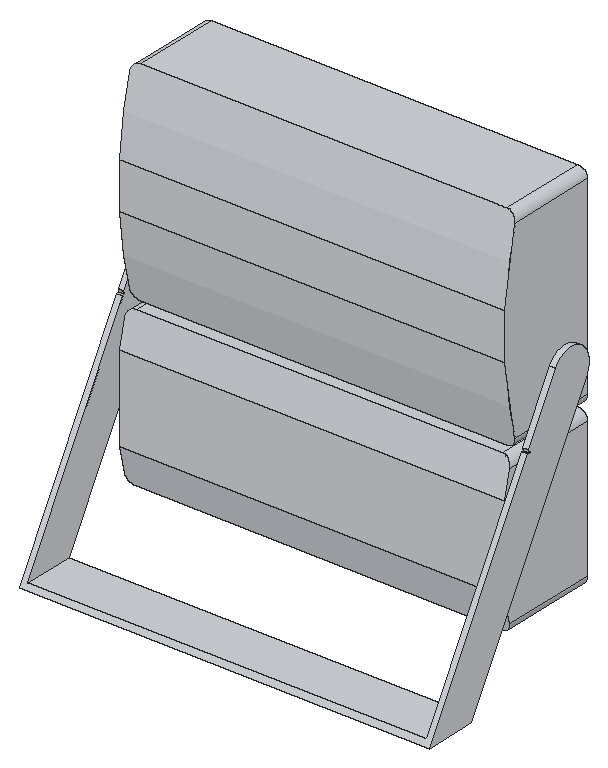
Revit family "Lighting-Floodlights-GEWISS-SMART[PRO]2.0-LED-MEDIUM-POWER_2MODULE_CLI", category Apparecchi per illuminazione, host Superficie, Revit 2019 (continued)
Types (46, lengths in mm): name | Working temperature | Wiring | Weight (kg) | Voltage- | Versions | Version type | Unique digital code (Datamatrix) | Unified Glare Rating | Typology | Type of light source | Tilt- | Technical sheet | Supply voltage | Stocking temperature | Standards and approvals | Standard- | Standard Deviation Colour Matching | Shield type | Regolazione inclinazione | Rated frequency (Hz) | Photobiological Risk Class | Overvoltage resistance : | Overvoltage protection | Optic and illuminating features | Optic Maintenance | Optic : | Optic | Operating temperature: | Operating temperature : | N° LED | Number of modules | No. Chorus modules | Mouting and installation | Modello | Minimum distance from the illuminated object | Maximum surface exposed to the wind : | Maximum surface exposed to the wind | Materials | Luminaire | Lumen output (lm) | Locking Hook | Lifetime | Life Time L90B10 (Tq 50Â°C) : | Life Time L90B10 (Tq 25Â°C) : | Life Time L80B10 (Tq 25Â°C) | Lamp- | LED current | LED Maintenance | LED Life time (L90B10) | LED Life time (L80B10) | LED Life time (L70B10) | Installationa and maintenance | Immagine tipo | IPEA | IDT | Glow Wire Test : | General information | Gasket | Flusso nominale | Fixing | External screw | Eletrical and lighting features | Efficiency (lm/W) | EAN code | Driver Box | Driver | Device with reduced surface temperature | Descrizione | DIN 18032-3 certification | Control System | Context | Colour temperature: | Colour temperature | Colour : | Colour | Color Rendering Index | Classification: | Catalogue Range | Body
  GWP2274BS - SMART PRO 2M CRI70 4000K TYPE S2 1-10V | "-30 +50 °C" | "" | "13" | "220/240 V - 50/60 Hz" | "4000K natural light" | "4000K natural light" | "" | "" | "Stand Alone - 1/10V" | "" | "" | "https://www.gewiss.com/ww/en/search?q=GWP2274BS" | "" | "" | "" | "" | "" | "" | "-180° ÷ + 180° Bracket" | "" | "" | "" | "" | "" | "" | "" | "Symmetrical S2" | "-30 +50 °C" | "" | "160" | "2 (2x80 LED)" | "2 (2x80 LED)" | "" | "GWP2274BS" | "1M" | "" | "0,17M2" | "" | "" | "41000" | "" | "" | "" | "" | "" | "LED" | "0,7 A" | "" | "32000H" | "73000H" | "118000H" | "" | GWP2274BS.jpg | "" | "0a70a13c-aef0-4a90-8d5a-64306d914f50" | "" | "" | "" | "48000" | "" | "" | "" | "" | "8011564738751" | "" | "" | "" | "SMART PRO 2M CRI70 4000K SIMM.CONC.1-10V" | "" | "" | "" | "4000 K (CRI 70)" | "4000 K (CRI 70)" | "" | "" | "" | "" | "SMART [PRO] 2.0" | ""
  GWP2274CS - SMART PRO 2M CRI70 4000K TYPE A1 1-10V | "-30 +50 °C" | "" | "13" | "220/240 V - 50/60 Hz" | "4000K natural light" | "4000K natural light" | "" | "" | "Stand Alone - 1/10V" | "" | "" | "https://www.gewiss.com/ww/en/search?q=GWP2274CS" | "" | "" | "" | "" | "" | "" | "-180° ÷ + 180° Bracket" | "" | "" | "" | "" | "" | "" | "" | "Asymmetrical A1" | "-30 +50 °C" | "" | "160" | "2 (2x80 LED)" | "2 (2x80 LED)" | "" | "GWP2274CS" | "1M" | "" | "0,17M2" | "" | "" | "39000" | "" | "" | "" | "" | "" | "LED" | "0,7 A" | "" | "32000H" | "73000H" | "118000H" | "" | GWP2274CS.jpg | "" | "9a18482d-d3e1-41c4-884b-e12f2e4ca5a3" | "" | "" | "" | "48000" | "" | "" | "" | "" | "8011564738768" | "" | "" | "" | "SMART PRO 2M CRI70 4000K ASIM.DIFF.1-10V" | "" | "" | "" | "4000 K (CRI 70)" | "4000 K (CRI 70)" | "" | "" | "" | "" | "SMART [PRO] 2.0" | ""
  GWP2274FS - SMART PRO 2M CRI70 4000K TYPE A2 1-10V | "-30 +50 °C" | "" | "13" | "220/240 V - 50/60 Hz" | "4000K natural light" | "4000K natural light" | "" | "" | "Stand Alone - 1/10V" | "" | "" | "https://www.gewiss.com/ww/en/search?q=GWP2274FS" | "" | "" | "" | "" | "" | "" | "-180° ÷ + 180° Bracket" | "" | "" | "" | "" | "" | "" | "" | "Asymmetrical A2" | "-30 +50 °C" | "" | "160" | "2 (2x80 LED)" | "2 (2x80 LED)" | "" | "GWP2274FS" | "1M" | "" | "0,17M2" | "" | "" | "33000" | "" | "" | "" | "" | "" | "LED" | "0,7 A" | "" | "32000H" | "73000H" | "118000H" | "" | GWP2274FS.jpg | "" | "1e2022fa-2361-4b5a-b3a8-0d8e233eb5c5" | "" | "" | "" | "48000" | "" | "" | "" | "" | "8011564738775" | "" | "" | "" | "SMART PRO 2M CRI70 4000K ASIM.CONC.1-10V" | "" | "" | "" | "4000 K (CRI 70)" | "4000 K (CRI 70)" | "" | "" | "" | "" | "SMART [PRO] 2.0" | ""
  GWP2274GS - SMART PRO 2M CRI70 4000K TYPE C4 1-10V | "-30 +50 °C" | "" | "13" | "220/240 V - 50/60 Hz" | "4000K natural light" | "4000K natural light" | "" | "" | "Stand Alone - 1/10V" | "" | "" | "https://www.gewiss.com/ww/en/search?q=GWP2274GS" | "" | "" | "" | "" | "" | "" | "-180° ÷ + 180° Bracket" | "" | "" | "" | "" | "" | "" | "" | "Circular C4" | "-30 +50 °C" | "" | "160" | "2 (2x80 LED)" | "2 (2x80 LED)" | "" | "GWP2274GS" | "1M" | "" | "0,17M2" | "" | "" | "41000" | "" | "" | "" | "" | "" | "LED" | "0,7 A" | "" | "32000H" | "73000H" | "118000H" | "" | GWP2274GS.jpg | "" | "c808e74b-e665-4f05-8394-226699617503" | "" | "" | "" | "48000" | "" | "" | "" | "" | "8011564738744" | "" | "" | "" | "SMART PRO 2M CRI70 4000K CIRC.12°1-10V" | "" | "" | "" | "4000 K (CRI 70)" | "4000 K (CRI 70)" | "" | "" | "" | "" | "SMART [PRO] 2.0" | ""
  GWP2274HS - SMART PRO 2M CRI70 4000K TYPE C3 1-10V | "-30 +50 °C" | "" | "13" | "220/240 V - 50/60 Hz" | "4000K natural light" | "4000K natural light" | "" | "" | "Stand Alone - 1/10V" | "" | "" | "https://www.gewiss.com/ww/en/search?q=GWP2274HS" | "" | "" | "" | "" | "" | "" | "-180° ÷ + 180° Bracket" | "" | "" | "" | "" | "" | "" | "" | "Circular C3" | "-30 +50 °C" | "" | "160" | "2 (2x80 LED)" | "2 (2x80 LED)" | "" | "GWP2274HS" | "1M" | "" | "0,17M2" | "" | "" | "41000" | "" | "" | "" | "" | "" | "LED" | "0,7 A" | "" | "32000H" | "73000H" | "118000H" | "" | GWP2274HS.jpg | "" | "4c90ff80-d439-4dfb-9f1b-f7623128bc0a" | "" | "" | "" | "48000" | "" | "" | "" | "" | "8011564738782" | "" | "" | "" | "SMART PRO 2M CRI70 4000K CIRC.15°1-10V" | "" | "" | "" | "4000 K (CRI 70)" | "4000 K (CRI 70)" | "" | "" | "" | "" | "SMART [PRO] 2.0" | ""
  GWP2274LS - SMART PRO 2M CRI70 4000K TYPE C2 1-10V | "-30 +50 °C" | "" | "13" | "220/240 V - 50/60 Hz" | "4000K natural light" | "4000K natural light" | "" | "" | "Stand Alone - 1/10V" | "" | "" | "https://www.gewiss.com/ww/en/search?q=GWP2274LS" | "" | "" | "" | "" | "" | "" | "-180° ÷ + 180° Bracket" | "" | "" | "" | "" | "" | "" | "" | "Circular C2" | "-30 +50 °C" | "" | "160" | "2 (2x80 LED)" | "2 (2x80 LED)" | "" | "GWP2274LS" | "1M" | "" | "0,17M2" | "" | "" | "40000" | "" | "" | "" | "" | "" | "LED" | "0,7 A" | "" | "32000H" | "73000H" | "118000H" | "" | GWP2274LS.jpg | "" | "2a324601-d38e-439e-9c4b-db9453ecca1c" | "" | "" | "" | "48000" | "" | "" | "" | "" | "8011564738799" | "" | "" | "" | "SMART PRO 2M CRI70 4000K CIRC.21°1-10V" | "" | "" | "" | "4000 K (CRI 70)" | "4000 K (CRI 70)" | "" | "" | "" | "" | "SMART [PRO] 2.0" | ""
  GWP2274MS - SMART PRO 2M CRI70 4000K TYPE C1 1-10V | "-30 +50 °C" | "" | "13" | "220/240 V - 50/60 Hz" | "4000K natural light" | "4000K natural light" | "" | "" | "Stand Alone - 1/10V" | "" | "" | "https://www.gewiss.com/ww/en/search?q=GWP2274MS" | "" | "" | "" | "" | "" | "" | "-180° ÷ + 180° Bracket" | "" | "" | "" | "" | "" | "" | "" | "Circular C1" | "-30 +50 °C" | "" | "160" | "2 (2x80 LED)" | "2 (2x80 LED)" | "" | "GWP2274MS" | "1M" | "" | "0,17M2" | "" | "" | "40000" | "" | "" | "" | "" | "" | "LED" | "0,7 A" | "" | "32000H" | "73000H" | "118000H" | "" | GWP2274MS.jpg | "" | "6b7bf070-8c6b-4cc8-a035-9961094525a6" | "" | "" | "" | "48000" | "" | "" | "" | "" | "8011564738805" | "" | "" | "" | "SMART PRO 2M CRI70 4000K CIRC.35°1-10V" | "" | "" | "" | "4000 K (CRI 70)" | "4000 K (CRI 70)" | "" | "" | "" | "" | "SMART [PRO] 2.0" | ""
  GWP2275AS - SMART PRO 2M CRI70 5700K TYPE S1 1-10V | "-30 +50 °C" | "" | "13" | "220/240 V - 50/60 Hz" | "5700K cold light" | "5700K cold light" | "" | "" | "Stand Alone - 1/10V" | "" | "" | "https://www.gewiss.com/ww/en/search?q=GWP2275AS" | "" | "" | "" | "" | "" | "" | "-180° ÷ + 180° Bracket" | "" | "" | "" | "" | "" | "" | "" | "Symmetrical S1" | "-30 +50 °C" | "" | "160" | "2 (2x80 LED)" | "2 (2x80 LED)" | "" | "GWP2275AS" | "1M" | "" | "0,17M2" | "" | "" | "40000" | "" | "" | "" | "" | "" | "LED" | "0,7 A" | "" | "32000H" | "73000H" | "118000H" | "" | GWP2275AS.jpg | "" | "867efc6b-6cf8-46ca-ac0d-ddde6bf78dbe" | "" | "" | "" | "48000" | "" | "" | "" | "" | "8011564738706" | "" | "" | "" | "SMART PRO 2M CRI70 5700K SIMM.DIFF.1-10V" | "" | "" | "" | "5700 K (CRI 70)" | "5700 K (CRI 70)" | "" | "" | "" | "" | "SMART [PRO] 2.0" | ""
  GWP2275BS - SMART PRO 2M CRI70 5700K TYPE S2 1-10V | "-30 +50 °C" | "" | "13" | "220/240 V - 50/60 Hz" | "5700K cold light" | "5700K cold light" | "" | "" | "Stand Alone - 1/10V" | "" | "" | "https://www.gewiss.com/ww/en/search?q=GWP2275BS" | "" | "" | "" | "" | "" | "" | "-180° ÷ + 180° Bracket" | "" | "" | "" | "" | "" | "" | "" | "Symmetrical S2" | "-30 +50 °C" | "" | "160" | "2 (2x80 LED)" | "2 (2x80 LED)" | "" | "GWP2275BS" | "1M" | "" | "0,17M2" | "" | "" | "41000" | "" | "" | "" | "" | "" | "LED" | "0,7 A" | "" | "32000H" | "73000H" | "118000H" | "" | GWP2275BS.jpg | "" | "8e56ab4d-69d4-421c-868c-4071cad23327" | "" | "" | "" | "48000" | "" | "" | "" | "" | "8011564738812" | "" | "" | "" | "SMART PRO 2M CRI70 5700K SIMM.CONC.1-10V" | "" | "" | "" | "5700 K (CRI 70)" | "5700 K (CRI 70)" | "" | "" | "" | "" | "SMART [PRO] 2.0" | ""
  GWP2275CS - SMART PRO 2M CRI70 5700K TYPE A1 1-10V | "-30 +50 °C" | "" | "13" | "220/240 V - 50/60 Hz" | "5700K cold light" | "5700K cold light" | "" | "" | "Stand Alone - 1/10V" | "" | "" | "https://www.gewiss.com/ww/en/search?q=GWP2275CS" | "" | "" | "" | "" | "" | "" | "-180° ÷ + 180° Bracket" | "" | "" | "" | "" | "" | "" | "" | "Asymmetrical A1" | "-30 +50 °C" | "" | "160" | "2 (2x80 LED)" | "2 (2x80 LED)" | "" | "GWP2275CS" | "1M" | "" | "0,17M2" | "" | "" | "39000" | "" | "" | "" | "" | "" | "LED" | "0,7 A" | "" | "32000H" | "73000H" | "118000H" | "" | GWP2275CS.jpg | "" | "6b467e30-a601-48ae-8591-bb8134250668" | "" | "" | "" | "48000" | "" | "" | "" | "" | "8011564738829" | "" | "" | "" | "SMART PRO 2M CRI70 5700K ASIM.DIFF.1-10V" | "" | "" | "" | "5700 K (CRI 70)" | "5700 K (CRI 70)" | "" | "" | "" | "" | "SMART [PRO] 2.0" | ""
  GWP2275FS - SMART PRO 2M CRI70 5700K TYPE A2 1-10V | "-30 +50 °C" | "" | "13" | "220/240 V - 50/60 Hz" | "5700K cold light" | "5700K cold light" | "" | "" | "Stand Alone - 1/10V" | "" | "" | "https://www.gewiss.com/ww/en/search?q=GWP2275FS" | "" | "" | "" | "" | "" | "" | "-180° ÷ + 180° Bracket" | "" | "" | "" | "" | "" | "" | "" | "Asymmetrical A2" | "-30 +50 °C" | "" | "160" | "2 (2x80 LED)" | "2 (2x80 LED)" | "" | "GWP2275FS" | "1M" | "" | "0,17M2" | "" | "" | "33000" | "" | "" | "" | "" | "" | "LED" | "0,7 A" | "" | "32000H" | "73000H" | "118000H" | "" | GWP2275FS.jpg | "" | "7e845158-a768-4379-8e7b-8b9981b62a84" | "" | "" | "" | "48000" | "" | "" | "" | "" | "8011564738836" | "" | "" | "" | "SMART PRO 2M CRI70 5700K ASIM.CONC.1-10V" | "" | "" | "" | "5700 K (CRI 70)" | "5700 K (CRI 70)" | "" | "" | "" | "" | "SMART [PRO] 2.0" | ""
  GWP2275GS - SMART PRO 2M CRI70 5700K TYPE C4 1-10V | "-30 +50 °C" | "" | "13" | "220/240 V - 50/60 Hz" | "5700K cold light" | "5700K cold light" | "" | "" | "Stand Alone - 1/10V" | "" | "" | "https://www.gewiss.com/ww/en/search?q=GWP2275GS" | "" | "" | "" | "" | "" | "" | "-180° ÷ + 180° Bracket" | "" | "" | "" | "" | "" | "" | "" | "Circular C4" | "-30 +50 °C" | "" | "160" | "2 (2x80 LED)" | "2 (2x80 LED)" | "" | "GWP2275GS" | "1M" | "" | "0,17M2" | "" | "" | "41000" | "" | "" | "" | "" | "" | "LED" | "0,7 A" | "" | "32000H" | "73000H" | "118000H" | "" | GWP2275GS.jpg | "" | "3d48669e-8acd-456c-86f7-2e159079e65a" | "" | "" | "" | "48000" | "" | "" | "" | "" | "8011564738843" | "" | "" | "" | "SMART PRO 2M CRI70 5700K CIRC.12°1-10V" | "" | "" | "" | "5700 K (CRI 70)" | "5700 K (CRI 70)" | "" | "" | "" | "" | "SMART [PRO] 2.0" | ""
  GWP2275HS - SMART PRO 2M CRI70 5700K TYPE C3 1-10V | "-30 +50 °C" | "" | "13" | "220/240 V - 50/60 Hz" | "5700K cold light" | "5700K cold light" | "" | "" | "Stand Alone - 1/10V" | "" | "" | "https://www.gewiss.com/ww/en/search?q=GWP2275HS" | "" | "" | "" | "" | "" | "" | "-180° ÷ + 180° Bracket" | "" | "" | "" | "" | "" | "" | "" | "Circular C3" | "-30 +50 °C" | "" | "160" | "2 (2x80 LED)" | "2 (2x80 LED)" | "" | "GWP2275HS" | "1M" | "" | "0,17M2" | "" | "" | "41000" | "" | "" | "" | "" | "" | "LED" | "0,7 A" | "" | "32000H" | "73000H" | "118000H" | "" | GWP2275HS.jpg | "" | "65d78b77-f534-49ca-b888-1ddbd3671dbd" | "" | "" | "" | "48000" | "" | "" | "" | "" | "8011564738850" | "" | "" | "" | "SMART PRO 2M CRI70 5700K CIRC.15°1-10V" | "" | "" | "" | "5700 K (CRI 70)" | "5700 K (CRI 70)" | "" | "" | "" | "" | "SMART [PRO] 2.0" | ""
  GWP2275LS - SMART PRO 2M CRI70 5700K TYPE C2 1-10V | "-30 +50 °C" | "" | "13" | "220/240 V - 50/60 Hz" | "5700K cold light" | "5700K cold light" | "" | "" | "Stand Alone - 1/10V" | "" | "" | "https://www.gewiss.com/ww/en/search?q=GWP2275LS" | "" | "" | "" | "" | "" | "" | "-180° ÷ + 180° Bracket" | "" | "" | "" | "" | "" | "" | "" | "Circular C2" | "-30 +50 °C" | "" | "160" | "2 (2x80 LED)" | "2 (2x80 LED)" | "" | "GWP2275LS" | "1M" | "" | "0,17M2" | "" | "" | "40000" | "" | "" | "" | "" | "" | "LED" | "0,7 A" | "" | "32000H" | "73000H" | "118000H" | "" | GWP2275LS.jpg | "" | "684cac87-84df-498e-85d6-791155f228b4" | "" | "" | "" | "48000" | "" | "" | "" | "" | "8011564738867" | "" | "" | "" | "SMART PRO 2M CRI70 5700K CIRC.21°1-10V" | "" | "" | "" | "5700 K (CRI 70)" | "5700 K (CRI 70)" | "" | "" | "" | "" | "SMART [PRO] 2.0" | ""
  GWP2275MS - SMART PRO 2M CRI70 5700K TYPE C1 1-10V | "-30 +50 °C" | "" | "13" | "220/240 V - 50/60 Hz" | "5700K cold light" | "5700K cold light" | "" | "" | "Stand Alone - 1/10V" | "" | "" | "https://www.gewiss.com/ww/en/search?q=GWP2275MS" | "" | "" | "" | "" | "" | "" | "-180° ÷ + 180° Bracket" | "" | "" | "" | "" | "" | "" | "" | "Circular C1" | "-30 +50 °C" | "" | "160" | "2 (2x80 LED)" | "2 (2x80 LED)" | "" | "GWP2275MS" | "1M" | "" | "0,17M2" | "" | "" | "40000" | "" | "" | "" | "" | "" | "LED" | "0,7 A" | "" | "32000H" | "73000H" | "118000H" | "" | GWP2275MS.jpg | "" | "871c8496-1c52-4501-9c82-5fd6baff107a" | "" | "" | "" | "48000" | "" | "" | "" | "" | "8011564738874" | "" | "" | "" | "SMART PRO 2M CRI70 5700K CIRC.35°1-10V" | "" | "" | "" | "5700 K (CRI 70)" | "5700 K (CRI 70)" | "" | "" | "" | "" | "SMART [PRO] 2.0" | ""
  GWP2273NS - SMARTPRO2.0 2M 3000K CRI70 A3 1-10V CL1 | "" | "Watertight connector" | "" | "220 / 240 V - 50 / 60 Hz" | "3000K warm light" | "" | "Currently not present" | "G*6 - ULOR = 0" | "Stand Alone - 1/10V" | "LED - Not replaceable" | "Rotation on bracket with integrated goniometer" | "https://www.gewiss.com/ww/en/search?q=GWP2273NS" | "220 - 240 V" | "-" | "-" | "EN60598-1; EN60598-2-5; IEC 62778; IEC 62471; EN13201" | "SDCM = 5" | "Flat tempered glass 4mm" | "-180° ÷ + 180° Bracket" | "50 / 60" | "-" | "Common mode: 10KV; Differential mode: 5KV" | "DM 5KV / CM 10KV" | "-" | "Not available" | "Polished anodised aluminum reflector with 99.99% pure aluminum" | "A3 - Assymetric Narrow" | "-30 +50 °C" | "-30 +50 °C" | "" | "2" | "" | "High-mast lighting - Wall mounting - Ground mouting" | "GWP2273NS" | "1M" | "0,170 m2" | "0,17M2" | "-" | "LED luminaire with small,mid and high lumen power" | "37200" | "Hexagonal metric screws" | "L90B10 (Tq+25°C) - 40000h L90B10 (Tq+50°C) = 32000h L80B10 (Tq+25°C) - 90000h" | "32000 H" | ">40000 H" | ">90000 H" | "LED" | "0,7 A" | "Not available" | "" | "" | "" | "-" | GWP2273MS.jpg | "ROAD = A // LARGE AREAS = A3 + // CYCLOPEDONALS = A + // GREEN AREAS = A + // HISTORICAL CENTER = A5 + // OTHER = A5 +" | "121e441806524f71848fadf648778534" | "-" | "-" | "Anti-aging silicone" | "45000" | "Bracket" | "Stainless steel" | "-" | "113" | "" | "Built-in" | "Included" | "No" | "SMARTPRO2.0 2M 3000K CRI70 A3 1-10V CL1" | "Yes" | "Stand Alone - 1/10V" | "Sport, Big Areas" | "3000 K (CRI>70)" | "3000K" | "Polyester powder coated" | "Graphite grey" | "CRI-70" | "-" | "SMART [PRO] 2.0" | "Die-cast aluminium -"
  GWP2274NS - SMARTPRO2.0 2M 4000K CRI70 A3 1-10V CL1 | "" | "Watertight connector" | "" | "220 / 240 V - 50 / 60 Hz" | "4000K natural light" | "" | "Currently not present" | "G*6 - ULOR = 0" | "Stand Alone - 1/10V" | "LED - Not replaceable" | "Rotation on bracket with integrated goniometer" | "https://www.gewiss.com/ww/en/search?q=GWP2274NS" | "220 - 240 V" | "-" | "-" | "EN60598-1; EN60598-2-5; IEC 62778; IEC 62471; EN13201" | "SDCM = 5" | "Flat tempered glass 4mm" | "-180° ÷ + 180° Bracket" | "50 / 60" | "-" | "Common mode: 10KV; Differential mode: 5KV" | "DM 5KV / CM 10KV" | "-" | "Not available" | "Polished anodised aluminum reflector with 99.99% pure aluminum" | "A3 - Assymetric Narrow" | "-30 +50 °C" | "-30 +50 °C" | "" | "2" | "" | "High-mast lighting - Wall mounting - Ground mouting" | "GWP2274NS" | "1M" | "0,170 m2" | "0,17M2" | "-" | "LED luminaire with small,mid and high lumen power" | "39800" | "Hexagonal metric screws" | "L90B10 (Tq+25°C) - 40000h L90B10 (Tq+50°C) = 32000h L80B10 (Tq+25°C) - 90000h" | "32000 H" | ">40000 H" | ">90000 H" | "LED" | "0,7 A" | "Not available" | "" | "" | "" | "-" | GWP2274MS.jpg | "ROAD = A + // LARGE AREAS = A4 + // CICLOPEDONALI = A ++ // GREEN AREAS = A ++ // HISTORICAL CENTER = A6 + // OTHER = A6 +" | "ddbf821d1086479da68bdb419dc2c53b" | "-" | "-" | "Anti-aging silicone" | "48000" | "Bracket" | "Stainless steel" | "-" | "121" | "" | "Built-in" | "Included" | "No" | "SMARTPRO2.0 2M 4000K CRI70 A3 1-10V CL1" | "Yes" | "Stand Alone - 1/10V" | "Sport, Big Areas" | "4000 K (CRI>70)" | "4000K" | "Polyester powder coated" | "Graphite grey" | "CRI-70" | "-" | "SMART [PRO] 2.0" | "Die-cast aluminium -"
  GWP2275NS - SMARTPRO2.0 2M 5700K CRI70 A3 1-10V CL1 | "" | "Watertight connector" | "" | "220 / 240 V - 50 / 60 Hz" | "5700K cold light" | "" | "Currently not present" | "G*6 - ULOR = 0" | "Stand Alone - 1/10V" | "LED - Not replaceable" | "Rotation on bracket with integrated goniometer" | "https://www.gewiss.com/ww/en/search?q=GWP2275NS" | "220 - 240 V" | "-" | "-" | "EN60598-1; EN60598-2-5; IEC 62778; IEC 62471; EN13201" | "SDCM = 5" | "Flat tempered glass 4mm" | "-180° ÷ + 180° Bracket" | "50 / 60" | "-" | "Common mode: 10KV; Differential mode: 5KV" | "DM 5KV / CM 10KV" | "-" | "Not available" | "Polished anodised aluminum reflector with 99.99% pure aluminum" | "A3 - Assymetric Narrow" | "-30 +50 °C" | "-30 +50 °C" | "" | "2" | "" | "High-mast lighting - Wall mounting - Ground mouting" | "GWP2275NS" | "1M" | "0,170 m2" | "0,17M2" | "-" | "LED luminaire with small,mid and high lumen power" | "39800" | "Hexagonal metric screws" | "L90B10 (Tq+25°C) - 40000h L90B10 (Tq+50°C) = 32000h L80B10 (Tq+25°C) - 90000h" | "32000 H" | ">40000 H" | ">90000 H" | "LED" | "0,7 A" | "Not available" | "" | "" | "" | "-" | GWP2275MS.jpg | "ROAD = A + // LARGE AREAS = A4 + // CICLOPEDONALI = A ++ // GREEN AREAS = A ++ // HISTORICAL CENTER = A6 + // OTHER = A6 +" | "231139ece3d64a82a78854d6b9481946" | "-" | "-" | "Anti-aging silicone" | "48000" | "Bracket" | "Stainless steel" | "-" | "121" | "" | "Built-in" | "Included" | "No" | "SMARTPRO2.0 2M 5700K CRI70 A3 1-10V CL1" | "Yes" | "Stand Alone - 1/10V" | "Sport, Big Areas" | "5700 K (CRI>70)" | "5700K" | "Polyester powder coated" | "Graphite grey" | "CRI-70" | "-" | "SMART [PRO] 2.0" | "Die-cast aluminium -"
  GWP2284AS - SMARTPRO2.0 2M 4000K CRI80 S1 1-10V CL1 | "" | "Watertight connector" | "" | "" | "4000K natural light" | "" | "Currently not present" | "G*6 - ULOR = 0" | "" | "LED - Not replaceable" | "Rotation on bracket with integrated goniometer" | "https://www.gewiss.com/ww/en/search?q=GWP2284AS" | "220 - 240 V" | "-" | "-" | "EN60598-1; EN60598-2-5; IEC 62778; IEC 62471; EN13201" | "SDCM = 3" | "Flat tempered glass 4mm" | "" | "50 / 60" | "-" | "" | "DM 5KV / CM 10KV" | "-" | "Not available" | "Polished quartz and metallized PC HT reflector" | "S1 - Symmetric Wide" | "" | "-30 +50 °C" | "" | "" | "" | "High-mast lighting - Wall mounting - Ground mouting" | "GWP2284AS" | "" | "0,170 m2" | "" | "-" | "LED luminaire with small,mid and high lumen power" | "36600" | "Hexagonal metric screws" | "L90B10 (Tq+25°C) - 40000h L90B10 (Tq+50°C) = 32000h L80B10 (Tq+25°C) - 90000h" | "" | "" | "" | "" | "" | "Not available" | "" | "" | "" | "-" | GWP2275AS.jpg | "ROAD = A // LARGE AREAS = A ++ // CYCLOPEDONALS = A + // GREEN AREAS = A + // HISTORICAL CENTER = A4 + // OTHER = A4 +" | "7a2cc081f22f48dabd0d74f8116a228c" | "-" | "-" | "Anti-aging silicone" | "" | "Bracket" | "Stainless steel" | "-" | "111" | "" | "Built-in" | "Included" | "No" | "SMARTPRO2.0 2M 4000K CRI80 S1 1-10V CL1" | "Yes" | "Stand Alone - 1/10V" | "Sport, Big Areas" | "" | "4000K" | "Polyester powder coated" | "Graphite grey" | "CRI-80" | "-" | "" | "Die-cast aluminium -"
  GWP2284BS - SMARTPRO2.0 2M 4000K CRI80 S2 1-10V CL1 | "" | "Watertight connector" | "" | "" | "4000K natural light" | "" | "Currently not present" | "G*6 - ULOR = 0" | "" | "LED - Not replaceable" | "Rotation on bracket with integrated goniometer" | "https://www.gewiss.com/ww/en/search?q=GWP2284BS" | "220 - 240 V" | "-" | "-" | "EN60598-1; EN60598-2-5; IEC 62778; IEC 62471; EN13201" | "SDCM = 3" | "Flat tempered glass 4mm" | "" | "50 / 60" | "-" | "" | "DM 5KV / CM 10KV" | "-" | "Not available" | "Polished anodised aluminum reflector with 99.99% pure aluminum" | "S2 - Symmetric Medium" | "" | "-30 +50 °C" | "" | "" | "" | "High-mast lighting - Wall mounting - Ground mouting" | "GWP2284BS" | "" | "0,170 m2" | "" | "-" | "LED luminaire with small,mid and high lumen power" | "37900" | "Hexagonal metric screws" | "L90B10 (Tq+25°C) - 40000h L90B10 (Tq+50°C) = 32000h L80B10 (Tq+25°C) - 90000h" | "" | "" | "" | "" | "" | "Not available" | "" | "" | "" | "-" | GWP2275AS.jpg | "ROAD = A // LARGE AREAS = A3 + // CYCLOPEDONALS = A + // GREEN AREAS = A + // HISTORICAL CENTER = A5 + // OTHER = A5 +" | "02d1c640e1a8415ea19d55fbb9430f33" | "-" | "-" | "Anti-aging silicone" | "" | "Bracket" | "Stainless steel" | "-" | "115" | "" | "Built-in" | "Included" | "No" | "SMARTPRO2.0 2M 4000K CRI80 S2 1-10V CL1" | "Yes" | "Stand Alone - 1/10V" | "Sport, Big Areas" | "" | "4000K" | "Polyester powder coated" | "Graphite grey" | "CRI-80" | "-" | "" | "Die-cast aluminium -"
  GWP2284CS - SMARTPRO2.0 2M 4000K CRI80 A1 1-10V CL1 | "" | "Watertight connector" | "" | "" | "4000K natural light" | "" | "Currently not present" | "G*4 - ULOR = 0" | "" | "LED - Not replaceable" | "Rotation on bracket with integrated goniometer" | "https://www.gewiss.com/ww/en/search?q=GWP2284CS" | "220 - 240 V" | "-" | "-" | "EN60598-1; EN60598-2-5; IEC 62778; IEC 62471; EN13201" | "SDCM = 3" | "Flat tempered glass 4mm" | "" | "50 / 60" | "-" | "" | "DM 5KV / CM 10KV" | "-" | "Not available" | "Polished quartz and metallized PC HT reflector" | "A1 - Asymmetrical Wide" | "" | "-30 +50 °C" | "" | "" | "" | "High-mast lighting - Wall mounting - Ground mouting" | "GWP2284CS" | "" | "0,170 m2" | "" | "-" | "LED luminaire with small,mid and high lumen power" | "35600" | "Hexagonal metric screws" | "L90B10 (Tq+25°C) - 40000h L90B10 (Tq+50°C) = 32000h L80B10 (Tq+25°C) - 90000h" | "" | "" | "" | "" | "" | "Not available" | "" | "" | "" | "-" | GWP2275AS.jpg | "ROAD = B // LARGE AREAS = A ++ // CYCLOPEDONALS = A // GREEN AREAS = A // HISTORICAL CENTER = A4 + // OTHER = A4 +" | "454a14fdfc114b448307e87bbc98705b" | "-" | "-" | "Anti-aging silicone" | "" | "Bracket" | "Stainless steel" | "-" | "108" | "" | "Built-in" | "Included" | "No" | "SMARTPRO2.0 2M 4000K CRI80 A1 1-10V CL1" | "Yes" | "Stand Alone - 1/10V" | "Sport, Big Areas" | "" | "4000K" | "Polyester powder coated" | "Graphite grey" | "CRI-80" | "-" | "" | "Die-cast aluminium -"
  GWP2284FS - SMARTPRO2.0 2M 4000K CRI80 A2 1-10V CL1 | "" | "Watertight connector" | "" | "" | "4000K natural light" | "" | "Currently not present" | "G*3 - ULOR = 0" | "" | "LED - Not replaceable" | "Rotation on bracket with integrated goniometer" | "https://www.gewiss.com/ww/en/search?q=GWP2284FS" | "220 - 240 V" | "-" | "-" | "EN60598-1; EN60598-2-5; IEC 62778; IEC 62471; EN13201" | "SDCM = 3" | "Flat tempered glass 4mm" | "" | "50 / 60" | "-" | "" | "DM 5KV / CM 10KV" | "-" | "Not available" | "Polished anodised aluminum reflector with 99.99% pure aluminum" | "A2 - Asymmetrical Medium" | "" | "-30 +50 °C" | "" | "" | "" | "High-mast lighting - Wall mounting - Ground mouting" | "GWP2284FS" | "" | "0,170 m2" | "" | "-" | "LED luminaire with small,mid and high lumen power" | "30600" | "Hexagonal metric screws" | "L90B10 (Tq+25°C) - 40000h L90B10 (Tq+50°C) = 32000h L80B10 (Tq+25°C) - 90000h" | "" | "" | "" | "" | "" | "Not available" | "" | "" | "" | "-" | GWP2275AS.jpg | "ROAD = C // LARGE AREAS = A // CICLOPEDONALI = B // GREEN AREAS = B // HISTORICAL CENTER = A ++ // OTHER = A ++" | "d93913f4b2ee41f6b64bfa5a33285999" | "-" | "-" | "Anti-aging silicone" | "" | "Bracket" | "Stainless steel" | "-" | "93" | "" | "Built-in" | "Included" | "No" | "SMARTPRO2.0 2M 4000K CRI80 A2 1-10V CL1" | "Yes" | "Stand Alone - 1/10V" | "Sport, Big Areas" | "" | "4000K" | "Polyester powder coated" | "Graphite grey" | "CRI-80" | "-" | "" | "Die-cast aluminium -"
  GWP2284GS - SMARTPRO2.0 2M 4000K CRI80 C4 1-10V CL1 | "" | "Watertight connector" | "" | "" | "4000K natural light" | "" | "Currently not present" | "G*6 - ULOR = 0" | "" | "LED - Not replaceable" | "Rotation on bracket with integrated goniometer" | "https://www.gewiss.com/ww/en/search?q=GWP2284GS" | "220 - 240 V" | "-" | "-" | "EN60598-1; EN60598-2-5; IEC 62778; IEC 62471; EN13201" | "SDCM = 3" | "Flat tempered glass 4mm" | "" | "50 / 60" | "-" | "" | "DM 5KV / CM 10KV" | "-" | "Not available" | "Polished quartz and metallized PC HT reflector" | "C4 - Circular 15°" | "" | "-30 +50 °C" | "" | "" | "" | "High-mast lighting - Wall mounting - Ground mouting" | "GWP2284GS" | "" | "0,170 m2" | "" | "-" | "LED luminaire with small,mid and high lumen power" | "38200" | "Hexagonal metric screws" | "L90B10 (Tq+25°C) - 40000h L90B10 (Tq+50°C) = 32000h L80B10 (Tq+25°C) - 90000h" | "" | "" | "" | "" | "" | "Not available" | "" | "" | "" | "-" | GWP2275AS.jpg | "ROAD = A // LARGE AREAS = A3 + // CYCLOPEDONALS = A + // GREEN AREAS = A + // HISTORICAL CENTER = A5 + // OTHER = A5 +" | "20e7fd9726724d769e74514aa8af66e9" | "-" | "-" | "Anti-aging silicone" | "" | "Bracket" | "Stainless steel" | "-" | "116" | "" | "Built-in" | "Included" | "No" | "SMARTPRO2.0 2M 4000K CRI80 C4 1-10V CL1" | "Yes" | "Stand Alone - 1/10V" | "Sport, Big Areas" | "" | "4000K" | "Polyester powder coated" | "Graphite grey" | "CRI-80" | "-" | "" | "Die-cast aluminium -"
  GWP2284HS - SMARTPRO2.0 2M 4000K CRI80 C3 1-10V CL1 | "" | "Watertight connector" | "" | "" | "4000K natural light" | "" | "Currently not present" | "G*6 - ULOR = 0" | "" | "LED - Not replaceable" | "Rotation on bracket with integrated goniometer" | "https://www.gewiss.com/ww/en/search?q=GWP2284HS" | "220 - 240 V" | "-" | "-" | "EN60598-1; EN60598-2-5; IEC 62778; IEC 62471; EN13201" | "SDCM = 3" | "Flat tempered glass 4mm" | "" | "50 / 60" | "-" | "" | "DM 5KV / CM 10KV" | "-" | "Not available" | "Polished quartz and metallized PC HT reflector" | "C3 - Circular 20°" | "" | "-30 +50 °C" | "" | "" | "" | "High-mast lighting - Wall mounting - Ground mouting" | "GWP2284HS" | "" | "0,170 m2" | "" | "-" | "LED luminaire with small,mid and high lumen power" | "38200" | "Hexagonal metric screws" | "L90B10 (Tq+25°C) - 40000h L90B10 (Tq+50°C) = 32000h L80B10 (Tq+25°C) - 90000h" | "" | "" | "" | "" | "" | "Not available" | "" | "" | "" | "-" | GWP2275AS.jpg | "ROAD = A // LARGE AREAS = A3 + // CYCLOPEDONALS = A + // GREEN AREAS = A + // HISTORICAL CENTER = A5 + // OTHER = A5 +" | "bf58a7e1046d4f7b8024ba9dc724dd78" | "-" | "-" | "Anti-aging silicone" | "" | "Bracket" | "Stainless steel" | "-" | "116" | "" | "Built-in" | "Included" | "No" | "SMARTPRO2.0 2M 4000K CRI80 C3 1-10V CL1" | "Yes" | "Stand Alone - 1/10V" | "Sport, Big Areas" | "" | "4000K" | "Polyester powder coated" | "Graphite grey" | "CRI-80" | "-" | "" | "Die-cast aluminium -"
  GWP2284LS - SMARTPRO2.0 2M 4000K CRI80 C2 1-10V CL1 | "" | "Watertight connector" | "" | "" | "4000K natural light" | "" | "Currently not present" | "G*6 - ULOR = 0" | "" | "LED - Not replaceable" | "Rotation on bracket with integrated goniometer" | "https://www.gewiss.com/ww/en/search?q=GWP2284LS" | "220 - 240 V" | "-" | "-" | "EN60598-1; EN60598-2-5; IEC 62778; IEC 62471; EN13201" | "SDCM = 3" | "Flat tempered glass 4mm" | "" | "50 / 60" | "-" | "" | "DM 5KV / CM 10KV" | "-" | "Not available" | "Polished quartz and metallized PC HT reflector" | "C2 - Circular 25°" | "" | "-30 +50 °C" | "" | "" | "" | "High-mast lighting - Wall mounting - Ground mouting" | "GWP2284LS" | "" | "0,170 m2" | "" | "-" | "LED luminaire with small,mid and high lumen power" | "37300" | "Hexagonal metric screws" | "L90B10 (Tq+25°C) - 40000h L90B10 (Tq+50°C) = 32000h L80B10 (Tq+25°C) - 90000h" | "" | "" | "" | "" | "" | "Not available" | "" | "" | "" | "-" | GWP2275AS.jpg | "ROAD = A // LARGE AREAS = A3 + // CYCLOPEDONALS = A + // GREEN AREAS = A + // HISTORICAL CENTER = A5 + // OTHER = A5 +" | "e4298849a0b64e7384d246219c230dee" | "-" | "-" | "Anti-aging silicone" | "" | "Bracket" | "Stainless steel" | "-" | "113" | "" | "Built-in" | "Included" | "No" | "SMARTPRO2.0 2M 4000K CRI80 C2 1-10V CL1" | "Yes" | "Stand Alone - 1/10V" | "Sport, Big Areas" | "" | "4000K" | "Polyester powder coated" | "Graphite grey" | "CRI-80" | "-" | "" | "Die-cast aluminium -"
  GWP2284MS - SMARTPRO2.0 2M 4000K CRI80 C1 1-10V CL1 | "" | "Watertight connector" | "" | "" | "4000K natural light" | "" | "Currently not present" | "G*6 - ULOR = 0" | "" | "LED - Not replaceable" | "Rotation on bracket with integrated goniometer" | "https://www.gewiss.com/ww/en/search?q=GWP2284MS" | "220 - 240 V" | "-" | "-" | "EN60598-1; EN60598-2-5; IEC 62778; IEC 62471; EN13201" | "SDCM = 3" | "Flat tempered glass 4mm" | "" | "50 / 60" | "-" | "" | "DM 5KV / CM 10KV" | "-" | "Not available" | "Polished quartz and metallized PC HT reflector" | "C1 - Circular 30°" | "" | "-30 +50 °C" | "" | "" | "" | "High-mast lighting - Wall mounting - Ground mouting" | "GWP2284MS" | "" | "0,170 m2" | "" | "-" | "LED luminaire with small,mid and high lumen power" | "37300" | "Hexagonal metric screws" | "L90B10 (Tq+25°C) - 40000h L90B10 (Tq+50°C) = 32000h L80B10 (Tq+25°C) - 90000h" | "" | "" | "" | "" | "" | "Not available" | "" | "" | "" | "-" | GWP2275AS.jpg | "ROAD = A // LARGE AREAS = A3 + // CYCLOPEDONALS = A + // GREEN AREAS = A + // HISTORICAL CENTER = A5 + // OTHER = A5 +" | "0ce539ca2746444bbf026a2cfd17b196" | "-" | "-" | "Anti-aging silicone" | "" | "Bracket" | "Stainless steel" | "-" | "113" | "" | "Built-in" | "Included" | "No" | "SMARTPRO2.0 2M 4000K CRI80 C1 1-10V CL1" | "Yes" | "Stand Alone - 1/10V" | "Sport, Big Areas" | "" | "4000K" | "Polyester powder coated" | "Graphite grey" | "CRI-80" | "-" | "" | "Die-cast aluminium -"
  GWP2284NS - SMARTPRO2.0 2M 4000K CRI80 A3 1-10V CL1 | "" | "Watertight connector" | "" | "" | "4000K natural light" | "" | "Currently not present" | "G*6 - ULOR = 0" | "" | "LED - Not replaceable" | "Rotation on bracket with integrated goniometer" | "https://www.gewiss.com/ww/en/search?q=GWP2284NS" | "220 - 240 V" | "-" | "-" | "EN60598-1; EN60598-2-5; IEC 62778; IEC 62471; EN13201" | "SDCM = 3" | "Flat tempered glass 4mm" | "" | "50 / 60" | "-" | "" | "DM 5KV / CM 10KV" | "-" | "Not available" | "Polished anodised aluminum reflector with 99.99% pure aluminum" | "A3 - Assymetric Narrow" | "" | "-30 +50 °C" | "" | "" | "" | "High-mast lighting - Wall mounting - Ground mouting" | "GWP2284NS" | "" | "0,170 m2" | "" | "-" | "LED luminaire with small,mid and high lumen power" | "37200" | "Hexagonal metric screws" | "L90B10 (Tq+25°C) - 40000h L90B10 (Tq+50°C) = 32000h L80B10 (Tq+25°C) - 90000h" | "" | "" | "" | "" | "" | "Not available" | "" | "" | "" | "-" | GWP2275AS.jpg | "ROAD = A // LARGE AREAS = A3 + // CYCLOPEDONALS = A + // GREEN AREAS = A + // HISTORICAL CENTER = A5 + // OTHER = A5 +" | "f5c3883cea3e49a3b63fddb3801d2c83" | "-" | "-" | "Anti-aging silicone" | "" | "Bracket" | "Stainless steel" | "-" | "113" | "" | "Built-in" | "Included" | "No" | "SMARTPRO2.0 2M 4000K CRI80 A3 1-10V CL1" | "Yes" | "Stand Alone - 1/10V" | "Sport, Big Areas" | "" | "4000K" | "Polyester powder coated" | "Graphite grey" | "CRI-80" | "-" | "" | "Die-cast aluminium -"
  GWP2285AS - SMARTPRO2.0 2M 5700K CRI80 S1 1-10V CL1 | "" | "Watertight connector" | "" | "" | "5700K cold light" | "" | "Currently not present" | "G*6 - ULOR = 0" | "" | "LED - Not replaceable" | "Rotation on bracket with integrated goniometer" | "https://www.gewiss.com/ww/en/search?q=GWP2285AS" | "220 - 240 V" | "-" | "-" | "EN60598-1; EN60598-2-5; IEC 62778; IEC 62471; EN13201" | "SDCM = 3" | "Flat tempered glass 4mm" | "" | "50 / 60" | "-" | "" | "DM 5KV / CM 10KV" | "-" | "Not available" | "Polished quartz and metallized PC HT reflector" | "S1 - Symmetric Wide" | "" | "-30 +50 °C" | "" | "" | "" | "High-mast lighting - Wall mounting - Ground mouting" | "GWP2285AS" | "" | "0,170 m2" | "" | "-" | "LED luminaire with small,mid and high lumen power" | "36600" | "Hexagonal metric screws" | "L90B10 (Tq+25°C) - 40000h L90B10 (Tq+50°C) = 32000h L80B10 (Tq+25°C) - 90000h" | "" | "" | "" | "" | "" | "Not available" | "" | "" | "" | "-" | GWP2275AS.jpg | "ROAD = A // LARGE AREAS = A ++ // CYCLOPEDONALS = A + // GREEN AREAS = A + // HISTORICAL CENTER = A4 + // OTHER = A4 +" | "0af75199aaa2461fb2f968f49acfe10b" | "-" | "-" | "Anti-aging silicone" | "" | "Bracket" | "Stainless steel" | "-" | "111" | "" | "Built-in" | "Included" | "No" | "SMARTPRO2.0 2M 5700K CRI80 S1 1-10V CL1" | "Yes" | "Stand Alone - 1/10V" | "Sport, Big Areas" | "" | "5700K" | "Polyester powder coated" | "Graphite grey" | "CRI-80" | "-" | "" | "Die-cast aluminium -"
  GWP2285BS - SMARTPRO2.0 2M 5700K CRI80 S2 1-10V CL1 | "" | "Watertight connector" | "" | "" | "5700K cold light" | "" | "Currently not present" | "G*6 - ULOR = 0" | "" | "LED - Not replaceable" | "Rotation on bracket with integrated goniometer" | "https://www.gewiss.com/ww/en/search?q=GWP2285BS" | "220 - 240 V" | "-" | "-" | "EN60598-1; EN60598-2-5; IEC 62778; IEC 62471; EN13201" | "SDCM = 3" | "Flat tempered glass 4mm" | "" | "50 / 60" | "-" | "" | "DM 5KV / CM 10KV" | "-" | "Not available" | "Polished anodised aluminum reflector with 99.99% pure aluminum" | "S2 - Symmetric Medium" | "" | "-30 +50 °C" | "" | "" | "" | "High-mast lighting - Wall mounting - Ground mouting" | "GWP2285BS" | "" | "0,170 m2" | "" | "-" | "LED luminaire with small,mid and high lumen power" | "37900" | "Hexagonal metric screws" | "L90B10 (Tq+25°C) - 40000h L90B10 (Tq+50°C) = 32000h L80B10 (Tq+25°C) - 90000h" | "" | "" | "" | "" | "" | "Not available" | "" | "" | "" | "-" | GWP2275AS.jpg | "ROAD = A // LARGE AREAS = A3 + // CYCLOPEDONALS = A + // GREEN AREAS = A + // HISTORICAL CENTER = A5 + // OTHER = A5 +" | "542b2981c87a4850908d9cedb7812bfb" | "-" | "-" | "Anti-aging silicone" | "" | "Bracket" | "Stainless steel" | "-" | "115" | "" | "Built-in" | "Included" | "No" | "SMARTPRO2.0 2M 5700K CRI80 S2 1-10V CL1" | "Yes" | "Stand Alone - 1/10V" | "Sport, Big Areas" | "" | "5700K" | "Polyester powder coated" | "Graphite grey" | "CRI-80" | "-" | "" | "Die-cast aluminium -"
  GWP2285CS - SMARTPRO2.0 2M 5700K CRI80 A1 1-10V CL1 | "" | "Watertight connector" | "" | "" | "5700K cold light" | "" | "Currently not present" | "G*4 - ULOR = 0" | "" | "LED - Not replaceable" | "Rotation on bracket with integrated goniometer" | "https://www.gewiss.com/ww/en/search?q=GWP2285CS" | "220 - 240 V" | "-" | "-" | "EN60598-1; EN60598-2-5; IEC 62778; IEC 62471; EN13201" | "SDCM = 3" | "Flat tempered glass 4mm" | "" | "50 / 60" | "-" | "" | "DM 5KV / CM 10KV" | "-" | "Not available" | "Polished quartz and metallized PC HT reflector" | "A1 - Asymmetrical Wide" | "" | "-30 +50 °C" | "" | "" | "" | "High-mast lighting - Wall mounting - Ground mouting" | "GWP2285CS" | "" | "0,170 m2" | "" | "-" | "LED luminaire with small,mid and high lumen power" | "35600" | "Hexagonal metric screws" | "L90B10 (Tq+25°C) - 40000h L90B10 (Tq+50°C) = 32000h L80B10 (Tq+25°C) - 90000h" | "" | "" | "" | "" | "" | "Not available" | "" | "" | "" | "-" | GWP2275AS.jpg | "ROAD = B // LARGE AREAS = A ++ // CYCLOPEDONALS = A // GREEN AREAS = A // HISTORICAL CENTER = A4 + // OTHER = A4 +" | "272b96beeb804e82a0d06e7173db251b" | "-" | "-" | "Anti-aging silicone" | "" | "Bracket" | "Stainless steel" | "-" | "108" | "" | "Built-in" | "Included" | "No" | "SMARTPRO2.0 2M 5700K CRI80 A1 1-10V CL1" | "Yes" | "Stand Alone - 1/10V" | "Sport, Big Areas" | "" | "5700K" | "Polyester powder coated" | "Graphite grey" | "CRI-80" | "-" | "" | "Die-cast aluminium -"
  GWP2285FS - SMARTPRO2.0 2M 5700K CRI80 A2 1-10V CL1 | "" | "Watertight connector" | "" | "" | "5700K cold light" | "" | "Currently not present" | "G*3 - ULOR = 0" | "" | "LED - Not replaceable" | "Rotation on bracket with integrated goniometer" | "https://www.gewiss.com/ww/en/search?q=GWP2285FS" | "220 - 240 V" | "-" | "-" | "EN60598-1; EN60598-2-5; IEC 62778; IEC 62471; EN13201" | "SDCM = 3" | "Flat tempered glass 4mm" | "" | "50 / 60" | "-" | "" | "DM 5KV / CM 10KV" | "-" | "Not available" | "Polished anodised aluminum reflector with 99.99% pure aluminum" | "A2 - Asymmetrical Medium" | "" | "-30 +50 °C" | "" | "" | "" | "High-mast lighting - Wall mounting - Ground mouting" | "GWP2285FS" | "" | "0,170 m2" | "" | "-" | "LED luminaire with small,mid and high lumen power" | "30600" | "Hexagonal metric screws" | "L90B10 (Tq+25°C) - 40000h L90B10 (Tq+50°C) = 32000h L80B10 (Tq+25°C) - 90000h" | "" | "" | "" | "" | "" | "Not available" | "" | "" | "" | "-" | GWP2275AS.jpg | "ROAD = C // LARGE AREAS = A // CICLOPEDONALI = B // GREEN AREAS = B // HISTORICAL CENTER = A ++ // OTHER = A ++" | "ddd772ca23e4440aa1c1102868436655" | "-" | "-" | "Anti-aging silicone" | "" | "Bracket" | "Stainless steel" | "-" | "93" | "" | "Built-in" | "Included" | "No" | "SMARTPRO2.0 2M 5700K CRI80 A2 1-10V CL1" | "Yes" | "Stand Alone - 1/10V" | "Sport, Big Areas" | "" | "5700K" | "Polyester powder coated" | "Graphite grey" | "CRI-80" | "-" | "" | "Die-cast aluminium -"
  GWP2285GS - SMARTPRO2.0 2M 5700K CRI80 C4 1-10V CL1 | "" | "Watertight connector" | "" | "" | "5700K cold light" | "" | "Currently not present" | "G*6 - ULOR = 0" | "" | "LED - Not replaceable" | "Rotation on bracket with integrated goniometer" | "https://www.gewiss.com/ww/en/search?q=GWP2285GS" | "220 - 240 V" | "-" | "-" | "EN60598-1; EN60598-2-5; IEC 62778; IEC 62471; EN13201" | "SDCM = 3" | "Flat tempered glass 4mm" | "" | "50 / 60" | "-" | "" | "DM 5KV / CM 10KV" | "-" | "Not available" | "Polished quartz and metallized PC HT reflector" | "C4 - Circular 15°" | "" | "-30 +50 °C" | "" | "" | "" | "High-mast lighting - Wall mounting - Ground mouting" | "GWP2285GS" | "" | "0,170 m2" | "" | "-" | "LED luminaire with small,mid and high lumen power" | "38200" | "Hexagonal metric screws" | "L90B10 (Tq+25°C) - 40000h L90B10 (Tq+50°C) = 32000h L80B10 (Tq+25°C) - 90000h" | "" | "" | "" | "" | "" | "Not available" | "" | "" | "" | "-" | GWP2275AS.jpg | "ROAD = A // LARGE AREAS = A3 + // CYCLOPEDONALS = A + // GREEN AREAS = A + // HISTORICAL CENTER = A5 + // OTHER = A5 +" | "17ab03ca2d124487b2128a8e9dda9a27" | "-" | "-" | "Anti-aging silicone" | "" | "Bracket" | "Stainless steel" | "-" | "116" | "" | "Built-in" | "Included" | "No" | "SMARTPRO2.0 2M 5700K CRI80 C4 1-10V CL1" | "Yes" | "Stand Alone - 1/10V" | "Sport, Big Areas" | "" | "5700K" | "Polyester powder coated" | "Graphite grey" | "CRI-80" | "-" | "" | "Die-cast aluminium -"
  GWP2285HS - SMARTPRO2.0 2M 5700K CRI80 C3 1-10V CL1 | "" | "Watertight connector" | "" | "" | "5700K cold light" | "" | "Currently not present" | "G*6 - ULOR = 0" | "" | "LED - Not replaceable" | "Rotation on bracket with integrated goniometer" | "https://www.gewiss.com/ww/en/search?q=GWP2285HS" | "220 - 240 V" | "-" | "-" | "EN60598-1; EN60598-2-5; IEC 62778; IEC 62471; EN13201" | "SDCM = 3" | "Flat tempered glass 4mm" | "" | "50 / 60" | "-" | "" | "DM 5KV / CM 10KV" | "-" | "Not available" | "Polished quartz and metallized PC HT reflector" | "C3 - Circular 20°" | "" | "-30 +50 °C" | "" | "" | "" | "High-mast lighting - Wall mounting - Ground mouting" | "GWP2285HS" | "" | "0,170 m2" | "" | "-" | "LED luminaire with small,mid and high lumen power" | "38200" | "Hexagonal metric screws" | "L90B10 (Tq+25°C) - 40000h L90B10 (Tq+50°C) = 32000h L80B10 (Tq+25°C) - 90000h" | "" | "" | "" | "" | "" | "Not available" | "" | "" | "" | "-" | GWP2275AS.jpg | "ROAD = A // LARGE AREAS = A3 + // CYCLOPEDONALS = A + // GREEN AREAS = A + // HISTORICAL CENTER = A5 + // OTHER = A5 +" | "bd02ca46d5d44979bc7fb2c471bb6b01" | "-" | "-" | "Anti-aging silicone" | "" | "Bracket" | "Stainless steel" | "-" | "116" | "" | "Built-in" | "Included" | "No" | "SMARTPRO2.0 2M 5700K CRI80 C3 1-10V CL1" | "Yes" | "Stand Alone - 1/10V" | "Sport, Big Areas" | "" | "5700K" | "Polyester powder coated" | "Graphite grey" | "CRI-80" | "-" | "" | "Die-cast aluminium -"
  GWP2285LS - SMARTPRO2.0 2M 5700K CRI80 C2 1-10V CL1 | "" | "Watertight connector" | "" | "" | "5700K cold light" | "" | "Currently not present" | "G*6 - ULOR = 0" | "" | "LED - Not replaceable" | "Rotation on bracket with integrated goniometer" | "https://www.gewiss.com/ww/en/search?q=GWP2285LS" | "220 - 240 V" | "-" | "-" | "EN60598-1; EN60598-2-5; IEC 62778; IEC 62471; EN13201" | "SDCM = 3" | "Flat tempered glass 4mm" | "" | "50 / 60" | "-" | "" | "DM 5KV / CM 10KV" | "-" | "Not available" | "Polished quartz and metallized PC HT reflector" | "C2 - Circular 25°" | "" | "-30 +50 °C" | "" | "" | "" | "High-mast lighting - Wall mounting - Ground mouting" | "GWP2285LS" | "" | "0,170 m2" | "" | "-" | "LED luminaire with small,mid and high lumen power" | "37300" | "Hexagonal metric screws" | "L90B10 (Tq+25°C) - 40000h L90B10 (Tq+50°C) = 32000h L80B10 (Tq+25°C) - 90000h" | "" | "" | "" | "" | "" | "Not available" | "" | "" | "" | "-" | GWP2275AS.jpg | "ROAD = A // LARGE AREAS = A3 + // CYCLOPEDONALS = A + // GREEN AREAS = A + // HISTORICAL CENTER = A5 + // OTHER = A5 +" | "c887660aeaea41b9bdc334dd489ddf4c" | "-" | "-" | "Anti-aging silicone" | "" | "Bracket" | "Stainless steel" | "-" | "113" | "" | "Built-in" | "Included" | "No" | "SMARTPRO2.0 2M 5700K CRI80 C2 1-10V CL1" | "Yes" | "Stand Alone - 1/10V" | "Sport, Big Areas" | "" | "5700K" | "Polyester powder coated" | "Graphite grey" | "CRI-80" | "-" | "" | "Die-cast aluminium -"
  GWP2285MS - SMARTPRO2.0 2M 5700K CRI80 C1 1-10V CL1 | "" | "Watertight connector" | "" | "" | "5700K cold light" | "" | "Currently not present" | "G*6 - ULOR = 0" | "" | "LED - Not replaceable" | "Rotation on bracket with integrated goniometer" | "https://www.gewiss.com/ww/en/search?q=GWP2285MS" | "220 - 240 V" | "-" | "-" | "EN60598-1; EN60598-2-5; IEC 62778; IEC 62471; EN13201" | "SDCM = 3" | "Flat tempered glass 4mm" | "" | "50 / 60" | "-" | "" | "DM 5KV / CM 10KV" | "-" | "Not available" | "Polished quartz and metallized PC HT reflector" | "C1 - Circular 30°" | "" | "-30 +50 °C" | "" | "" | "" | "High-mast lighting - Wall mounting - Ground mouting" | "GWP2285MS" | "" | "0,170 m2" | "" | "-" | "LED luminaire with small,mid and high lumen power" | "37300" | "Hexagonal metric screws" | "L90B10 (Tq+25°C) - 40000h L90B10 (Tq+50°C) = 32000h L80B10 (Tq+25°C) - 90000h" | "" | "" | "" | "" | "" | "Not available" | "" | "" | "" | "-" | GWP2275AS.jpg | "ROAD = A // LARGE AREAS = A3 + // CYCLOPEDONALS = A + // GREEN AREAS = A + // HISTORICAL CENTER = A5 + // OTHER = A5 +" | "ff6f0e15403f464bb2a571d71bcfe0aa" | "-" | "-" | "Anti-aging silicone" | "" | "Bracket" | "Stainless steel" | "-" | "113" | "" | "Built-in" | "Included" | "No" | "SMARTPRO2.0 2M 5700K CRI80 C1 1-10V CL1" | "Yes" | "Stand Alone - 1/10V" | "Sport, Big Areas" | "" | "5700K" | "Polyester powder coated" | "Graphite grey" | "CRI-80" | "-" | "" | "Die-cast aluminium -"
  GWP2285NS - SMARTPRO2.0 2M 5700K CRI80 A3 1-10V CL1 | "" | "Watertight connector" | "" | "" | "5700K cold light" | "" | "Currently not present" | "G*6 - ULOR = 0" | "" | "LED - Not replaceable" | "Rotation on bracket with integrated goniometer" | "https://www.gewiss.com/ww/en/search?q=GWP2285NS" | "220 - 240 V" | "-" | "-" | "EN60598-1; EN60598-2-5; IEC 62778; IEC 62471; EN13201" | "SDCM = 3" | "Flat tempered glass 4mm" | "" | "50 / 60" | "-" | "" | "DM 5KV / CM 10KV" | "-" | "Not available" | "Polished anodised aluminum reflector with 99.99% pure aluminum" | "A3 - Assymetric Narrow" | "" | "-30 +50 °C" | "" | "" | "" | "High-mast lighting - Wall mounting - Ground mouting" | "GWP2285NS" | "" | "0,170 m2" | "" | "-" | "LED luminaire with small,mid and high lumen power" | "37200" | "Hexagonal metric screws" | "L90B10 (Tq+25°C) - 40000h L90B10 (Tq+50°C) = 32000h L80B10 (Tq+25°C) - 90000h" | "" | "" | "" | "" | "" | "Not available" | "" | "" | "" | "-" | GWP2275AS.jpg | "ROAD = A // LARGE AREAS = A3 + // CYCLOPEDONALS = A + // GREEN AREAS = A + // HISTORICAL CENTER = A5 + // OTHER = A5 +" | "94ca63f114e34adea3421514a6ca964f" | "-" | "-" | "Anti-aging silicone" | "" | "Bracket" | "Stainless steel" | "-" | "113" | "" | "Built-in" | "Included" | "No" | "SMARTPRO2.0 2M 5700K CRI80 A3 1-10V CL1" | "Yes" | "Stand Alone - 1/10V" | "Sport, Big Areas" | "" | "5700K" | "Polyester powder coated" | "Graphite grey" | "CRI-80" | "-" | "" | "Die-cast aluminium -"
